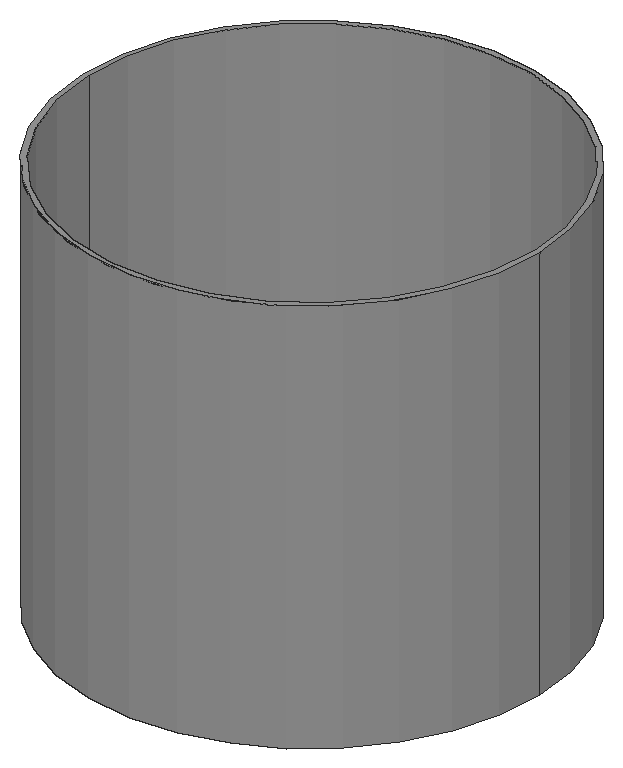
Revit family "5Gal-StockPot", category Generic Models, Revit 2013
Parameters
  Material = Stainless Steel, Brushed
  Capacity(Gallons) = 0.14158 m³
Reference planes (in)
  plane 1 "Center (Front/Back)": y = 0
  plane 2: z = 0
  plane 3 "Center (Left/Right)": x = 0
Forms (in)
  Extrusion 1, solid, material "Stainless Steel, Brushed" <- "Material"
    sketch origin (0, 0, 0) x (1, 0, 0) y (0, 1, 0)
      loop
        circle (0, 0) r 5.75
    from 0 to 10
  Extrusion 2, void
    sketch origin (0, 0, 0) x (1, 0, 0) y (0, 1, 0)
      loop
        circle (0, 0) r 5.625
    from 0.125 to 10
Cuts and joins
  Extrusion 2 cuts Extrusion 1
Dimensions and locks (in)
  aligned and locked: plane 2 to level
